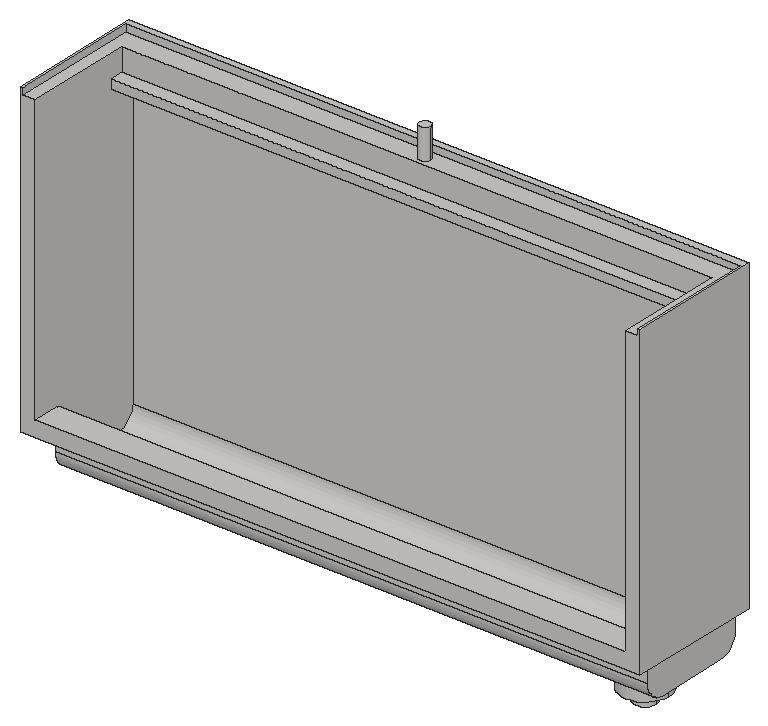
Revit family
Parameters (values of type "1370 X 300")
  Waste Connection Radius = Waste Connection Diameter / 2  # 25 mm
  Waste Connection Diameter = 50 mm
  Waste Connection = 1 = 1  # yes
  WFU = 0
  Vent Connection = 1 = 0  # no
  URL = "http://www.autospec.co.za/browse.php?id=1644179284"
  Product Code = "None"
  OmniClass Title = ""
  OmniClass Number = ""
  Modspec Classification = ""
  Specification = ""
  Location (revit room) = ""
  Material = Stainless Steel Grade 304
  Inlet Pipe Radius = Inlet Pipe Diameter / 2  # 12.5 mm
  Inlet Pipe Diameter = 25 mm
  Height = 780 mm
  HW Connection = 1 = 0  # no
  Description = ""
  Depth = 300 mm
  Default Elevation = 0 mm
  Colour = none
  CWFU = 0
  CW Connection = 1 = 1  # yes
  Body Finish = none
  Width = 1370 mm
  Model = "Trough Urinal KTU-1370 X 300"
  Manufacturer = "Kwikot"  # constant formula
  Assembly Code = "D2010210"
Reference planes
  plane 1 "Back": y = 0
  plane 2 "Bottom": z = 0
  plane 3 "Center (Left/Right)": x = 0
  plane 4 "Left": x = -685
  plane 5 "Right": x = 685
  plane 6 "Front": y = -300
  plane 7 "Top": z = 780
  plane 8: x = 655
  plane 9: x = -655
  plane 10: x = 585
  plane 11: y = -160
Forms (mm)
  Extrusion 1, solid, material "Stainless Steel Grade 304" <- "Material"
    sketch origin (-685, -491, 4000) x (0, -1, 0) y (0, 0, 1)
      loop
        line (-491, -4000) -> (-191, -4000) -> (-191, -3220) -> (-491, -3220) -> (-491, -4000)
    from 0 to -1370
  Extrusion 2, void
    sketch origin (-685, -491, 4000) x (0, 1, 0) y (0, 0, 1)
      loop
        line (251, -3905) -> (191, -3905) -> (191, -4030) -> (521, -4030) -> (521, -3960) -> (491, -3960)
        arc (491, -3960) -> (479.284, -3988.284) -> (451, -4000) r 40
        line (451, -4000) -> (291, -4000)
        arc (291, -4000) -> (262.716, -3988.284) -> (251, -3960) r 40
        line (251, -3960) -> (251, -3905)
    from 30 to 1340
  Extrusion 3, void
    sketch origin (-820.338, -300, 4000) x (1, 0, 0) y (0, 0, 1)
      loop
        line (165.338, -4000) -> (165.338, -3905) -> (135.338, -3905) -> (135.338, -4000) -> (165.338, -4000)
      loop
        line (1475.338, -4000) -> (1505.338, -4000) -> (1505.338, -3905) -> (1475.338, -3905) -> (1475.338, -4000)
    from 0 to -300
  Extrusion 4, void
    sketch origin (-820.338, -300, 4000) x (1, 0, 0) y (0, 0, 1)
      loop
        line (167.338, -3220) -> (167.338, -3870) -> (1473.338, -3870) -> (1473.338, -3220) -> (167.338, -3220)
    from 0 to -270
  Extrusion 5, void
    sketch origin (-685, -491, 4000) x (0, 1, 0) y (0, 0, 1)
      loop
        line (461, -3955) -> (461, -3870) -> (256, -3870) -> (256, -3955)
        arc (256, -3955) -> (267.716, -3983.284) -> (296, -3995) r 40
        line (296, -3995) -> (421, -3995)
        arc (421, -3995) -> (449.284, -3983.284) -> (461, -3955) r 40
    from 32 to 1338
  Extrusion 6, void
    sketch origin (-779.234, -1524, 780) x (0, -1, 0) y (-1, 0, 0)
      loop
        line (-1224, -99.234) -> (-1509, -99.234) -> (-1509, -1459.234) -> (-1224, -1459.234) -> (-1224, -99.234)
    from 0 to 15
  Extrusion 7, solid, material "Stainless Steel Grade 304" <- "Material"
    sketch origin (-685, -491, 4000) x (0, -1, 0) y (0, 0, 1)
      loop
        line (-461, -3235) -> (-461, -3305) -> (-401, -3305) -> (-401, -3285) -> (-431, -3285) -> (-431, -3235) -> (-461, -3235)
    from -32 to -1338
  Extrusion 8, solid, material "Stainless Steel Grade 304" <- "Material"
    sketch origin (0, 0, 0) x (1, 0, 0) y (0, 1, 0)
      loop
        circle (585, -160) r 35
      loop
        circle (585, -160) r 53
    from 5 to -25
  Extrusion 9, solid, material "Stainless Steel Grade 304"
    sketch origin (-779.234, -1524, 780) x (-1, 0, 0) y (0, -1, 0)
      loop
        circle (-779.234, -1486.5) r 12.5
    from -15 to 50
  Extrusion 10, solid, material "Stainless Steel Grade 304" <- "Material"
    sketch origin (0, 0, 0) x (1, 0, 0) y (0, 1, 0)
      loop
        circle (585, -160) r 25
      loop
        circle (585, -160) r 23
    from -25 to -50
  Extrusion 11, void
    sketch origin (0, 0, 0) x (0, 1, 0) y (1, 0, 0)
      loop
        circle (-160, 585) r 35
    from 0 to -5
  Extrusion 12, solid, material "Stainless Steel Grade 304" <- "Material"
    sketch origin (0, 0, -25) x (0, 1, 0) y (1, 0, 0)
      loop
        circle (-160, 585) r 35
      loop
        circle (-160, 585) r 25
    from 0 to -3
Cuts and joins
  Extrusion 2, Extrusion 3, Extrusion 4, Extrusion 5, Extrusion 6, Extrusion 11 cuts Extrusion 1
  Extrusion 11 cuts Extrusion 7
  Extrusion 11 cuts Extrusion 8
  Extrusion 11 cuts Extrusion 10
  joined: Extrusion 1, Extrusion 7, Extrusion 8, Extrusion 10, Extrusion 12
Lines and regions (mm)
  symbolic lines
    curve 1: line (-685, -300, 780) -> (685, -300, 780)
    curve 2: line (685, -300, 780) -> (685, 0, 780)
    curve 3: line (685, 0, 780) -> (-685, 0, 780)
    curve 4: line (-685, 0, 780) -> (-685, -300, 780)
    curve 5: line (680, -15, 780) -> (-680, -15, 780)
    curve 6: line (-680, -15, 780) -> (-680, -300, 780)
    curve 7: line (-653, -30, 780) -> (-653, -300, 780)
    curve 8: line (-653, -90, 780) -> (653, -90, 780)
    curve 9: line (-653, -60, 780) -> (653, -60, 780)
    curve 10: line (-653, -235, 780) -> (653, -235, 780)
    curve 11: line (653, -300, 780) -> (653, -30, 780)
    curve 12: line (653, -30, 780) -> (-653, -30, 780)
  symbolic lines, detail levels fine
    curve 13: arc (-12.5, -37.5, 780) -> (0, -50, 780) -> (12.5, -37.5, 780) r 12.5
    curve 14: arc (12.5, -37.5, 780) -> (0, -25, 780) -> (-12.5, -37.5, 780) r 12.5
    curve 15: arc (610, -160, -25) -> (585, -185, -25) -> (560, -160, -25) r 25
    curve 16: arc (560, -160, -25) -> (585, -135, -25) -> (610, -160, -25) r 25
    curve 17: arc (620, -160, -25) -> (585, -195, -25) -> (550, -160, -25) r 35
    curve 18: arc (550, -160, -25) -> (585, -125, -25) -> (620, -160, -25) r 35
Dimensions and locks
  "Height": plane 7 "Top" to plane 2 "Bottom"
  "Width": plane 4 "Left" to plane 5 "Right"
  equal spacing: plane 4 "Left", plane 3 "Center (Left/Right)", plane 5 "Right"
  "Depth": plane 1 "Back" to plane 6 "Front"
  plane 7 "Top" to Extrusion 7 = 85 mm
  locked: Extrusion 4 sketch curve to plane 5 "Right" at 32
  locked: plane 4 "Left" to Extrusion 4 sketch curve at 32
  locked: plane 4 "Left" to plane 9 at 30
  locked: plane 8 to plane 5 "Right" at 30
  cut or joined group 1 (Extrusion 1, Extrusion 2, Extrusion 3, Extrusion 4, Extrusion 5, Extrusion 6, Extrusion 7, Extrusion 8, Extrusion 10, Extrusion 11, Extrusion 12) to plane 8 = 2 mm
  Extrusion 9 sketch curve to plane 1 "Back" = 37.5 mm
  Extrusion 10 sketch curve to plane 5 "Right" = 100 mm
  Extrusion 10 sketch curve to plane 1 "Back" = 160 mm
  cut or joined group 1 to plane 6 "Front" = 60 mm
  plane 10 to plane 5 "Right" = 100 mm
  Extrusion 8 sketch curve to plane 6 "Front" = 140 mm
  plane 11 to plane 6 "Front" = 140 mm
  radius of Extrusion 8 sketch curve = 35 mm
  "Inlet Pipe Radius": radius of Extrusion 9 sketch curve
  "Waste Connection Radius": radius of Extrusion 10 sketch curve
  radius of Extrusion 2 sketch curve = 40 mm  (x2)
  aligned and locked: plane 2 "Bottom" to level
  aligned and locked: Extrusion 1 sketch curve to level
  aligned and locked: Extrusion 1 sketch curve to plane 1 "Back"
  aligned and locked: plane 7 "Top" to Extrusion 1 sketch curve
  aligned and locked: Extrusion 1 sketch curve to plane 6 "Front"
  aligned and locked: Extrusion 3 sketch curve to cut or joined group 1  (x3)
  aligned and locked: Extrusion 3 sketch curve to plane 4 "Left"
  aligned and locked: Extrusion 3 sketch curve to plane 5 "Right"
  aligned and locked: Extrusion 3 sketch curve to plane 2 "Bottom"
  aligned and locked: Extrusion 3 sketch curve to Extrusion 3 sketch curve
  aligned and locked: plane 7 "Top" to Extrusion 4 sketch curve
  aligned and locked: Extrusion 5 sketch curve to cut or joined group 1
  aligned and locked: cut or joined group 1 to Extrusion 5 sketch curve
  aligned and locked: cut or joined group 1 to Extrusion 6 sketch curve
  aligned and locked: Extrusion 7 sketch curve to cut or joined group 1  (x2)
  aligned and locked: cut or joined group 1 to Extrusion 7  (x2)
  aligned and locked: Extrusion 1 to plane 5 "Right"
  aligned and locked: Extrusion 2 to Extrusion 3
  aligned and locked: Extrusion 2 to plane 8
  aligned and locked: Extrusion 5 to Extrusion 4
  aligned and locked: plane 3 "Center (Left/Right)" to Extrusion 9 sketch curve
  aligned and locked: cut or joined group 1 to Extrusion 9
  aligned and locked: Extrusion 10 to cut or joined group 1
  aligned and locked: curve 1 to cut or joined group 1
  aligned and locked: curve 2 to cut or joined group 1
  aligned and locked: curve 3 to cut or joined group 1
  aligned and locked: curve 4 to cut or joined group 1
  aligned and locked: curve 5 to cut or joined group 1
  aligned and locked: curve 6 to cut or joined group 1
  aligned and locked: curve 7 to cut or joined group 1
  aligned and locked: curve 8 to cut or joined group 1
  aligned and locked: curve 9 to cut or joined group 1
  aligned and locked: curve 10 to cut or joined group 1
  aligned and locked: curve 11 to cut or joined group 1
  aligned and locked: curve 13 to Extrusion 9
  aligned and locked: curve 14 to Extrusion 9
  aligned and locked: plane 10 to Extrusion 10 sketch curve
  aligned and locked: Extrusion 11 sketch curve to cut or joined group 1  (x2)
  aligned and locked: Extrusion 11 to Extrusion 5
  aligned and locked: Extrusion 12 sketch curve to cut or joined group 1  (x4)
  aligned and locked: Extrusion 8 to Extrusion 5
  aligned and locked: curve 15 to cut or joined group 1
  aligned and locked: curve 16 to cut or joined group 1
  aligned and locked: curve 17 to cut or joined group 1
  aligned and locked: curve 18 to cut or joined group 1
  aligned and locked: plane 10 to Extrusion 8 sketch curve
Automatic sketch dimensions
  Extrusion 2 sketch curve to plane 6 "Front" = 0 mm
  Extrusion 2 sketch curve to level = 0 mm
  Extrusion 2 sketch curve to plane 1 "Back" = 0 mm
  plane 6 "Front" to Extrusion 2 sketch curve = 60 mm
  Extrusion 2 sketch curve to Extrusion 2 sketch curve = 30 mm
  Extrusion 2 sketch curve to level = 30 mm
  plane 1 "Back" to Extrusion 5 sketch curve = 70 mm
  plane 6 "Front" to Extrusion 5 sketch curve = 105 mm
  plane 6 "Front" to Extrusion 5 sketch curve = 65 mm
  plane 1 "Back" to Extrusion 6 sketch curve = 15 mm
  plane 5 "Right" to Extrusion 6 sketch curve = 5 mm
  Extrusion 6 sketch curve to plane 4 "Left" = 5 mm
  Extrusion 7 sketch curve to Extrusion 7 sketch curve = 30 mm  (x2)
  Extrusion 7 sketch curve to Extrusion 7 sketch curve = 50 mm
  Extrusion 7 sketch curve to Extrusion 7 sketch curve = 20 mm
  Extrusion 2 sketch curve to Extrusion 2 sketch curve = 55 mm
  Extrusion 3 sketch curve to Extrusion 3 sketch curve = 95 mm
  level to Extrusion 4 sketch curve = 130 mm
  level to Extrusion 5 sketch curve = 45 mm
  curve 1 to plane 5 "Right" = 0 mm
  curve 11 to plane 6 "Front" = 0 mm
  plane 1 "Back" to curve 4 = 0 mm
  curve 4 to plane 4 "Left" = 0 mm
  plane 5 "Right" to curve 5 = 5 mm
  plane 8 to curve 12 = 2 mm
  curve 7 to plane 9 = 2 mm
  curve 6 to plane 4 "Left" = 5 mm
  plane 1 "Back" to curve 6 = 15 mm
  plane 1 "Back" to curve 11 = 30 mm
  curve 7 to curve 9 = 30 mm
  curve 9 to curve 8 = 30 mm
  plane 6 "Front" to curve 10 = 65 mm
  Extrusion 8 sketch curve to plane 10 = 0 mm
  Extrusion 10 sketch curve to plane 11 = 0 mm
  Extrusion 8 sketch curve to Extrusion 8 sketch curve = 0 mm
  radius of Extrusion 10 sketch curve = 23 mm
  radius of Extrusion 8 sketch curve = 53 mm
Connectors
  piping at (585, -160, -50), driven by "Waste Connection Radius", driven by "WFU"
    settings: on cut or joined group 1, index 1, connector radius 25 mm, flow factor 0, pipe flow 0.0 L/s, pressure drop 0.0 Pa, fitting loss kfactor 0, connector angle 0.00°, fixture units 0, flow configuration 3, flow direction 2, fitting loss method 0, system type 16, connector reference index -1, connector utility 0, adjustable connector no, is connector primary no, fitting loss table "", connector description ""
  piping at (0, -37.5, 830), driven by "Inlet Pipe Radius", driven by "CWFU"
    settings: on Extrusion 9, index 2, connector radius 12.5 mm, flow factor 0, pipe flow 0.0 L/s, pressure drop 0.0 Pa, fitting loss kfactor 0, connector angle 0.00°, fixture units 0, flow configuration 3, flow direction 1, fitting loss method 0, system type 20, connector reference index -1, connector utility 0, adjustable connector no, is connector primary yes, fitting loss table "", connector description ""
